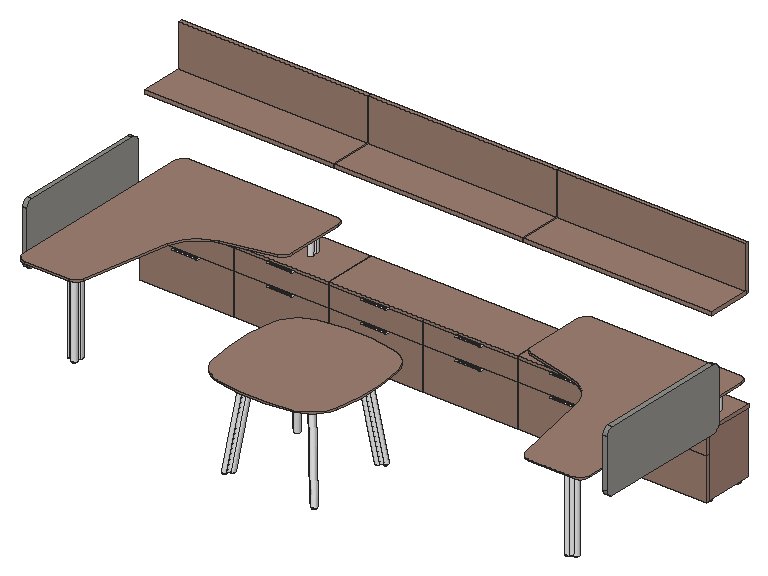
Revit family "T100136", category Furniture, Revit 2022
Family settings
  OmniClass Number = 23.40.20.00
  OmniClass Title = General Furniture and Specialties
  Work Plane-Based = No
  Always vertical = Yes
  Cut with Voids When Loaded = No
  Render Appearance Source = Family Geometry
  Shared = No
  Room Calculation Point = No
Parameters (values of type "APTOS009")
  Worksurface Height [instance] = 27"
  URL = "http://ofsbrands.com"
  Model = "APTOS009"
  Manufacturer = "OFS"
  Description = "OFS BRANDS OFS APTOS TYPICAL APTOS009"
  Default Elevation = 0"
  Copyright © = "© OFS BRANDS 2017"
  Catalog = "APTOS http://ofsbrands.com/products/casegoods/private-office/aptos"
  Authoring Version = "Autodesk Revit Architecture 2013"
  Assembly Code = "E2020200"
Reference planes (in)
  plane 1 "Center (Front/Back)": y = 0
  plane 2: z = 0
  plane 3 "Center (Left/Right)": x = 0
Dimensions and locks (in)
  aligned and locked: level to plane 2
Nested families (in)
  nested 1: "APTOS DUFOIL LEGS" at (-14.78416, -48.58582, 0) x (0.7071, 0.7071, 0) z (0, 0, 1), type "APTOS DUFOIL LEGS"
  nested 2: "APTOS DUFOIL STANDOFFS" at (-86, -10.39603, 22.25) x (-1, 0, 0) z (0, 0, 1), type "APTOS DUFOIL STANDOFFS"
  nested 3: "APTOS DUFOIL LEGS" at (14.78416, -78.15413, 0) x (0.7071, 0.7071, 0) z (0, 0, 1), type "APTOS DUFOIL LEGS"
  nested 4: "APTOS DUFOIL LEGS" at (14.78416, -48.58582, 0) x (-0.7071, 0.7071, 0) z (0, 0, 1), type "APTOS DUFOIL LEGS"
  nested 5: "APTOS DUFOIL LEGS" at (-14.78416, -78.15413, 0) x (-0.7071, 0.7071, 0) z (0, 0, 1), type "APTOS DUFOIL LEGS"
  nested 6: "APTOS TABLE TOP EASED SQUARE" at (0, -39.36997, 0), type "APTOS TABLE TOP EASED SQUARE 42""
  nested 7: "APTOS TRIFOIL COLUMN" at (79, -51, 0), type "APTOS TRIFOIL COLUMN"
  nested 8: "APTOS LOW HEIGHT MODULAR PEDESTAL BOX-FILE 18IN Depth" at (-75, 0, 0), type "APTOS LOW HEIGHT MODULAR PEDESTAL BOX/FILE 30""
    with Width 30"
  nested 9: "APTOS LOW HEIGHT MODULAR PEDESTAL BOX-FILE 18IN Depth" at (-45, 0, 0), type "APTOS LOW HEIGHT MODULAR PEDESTAL BOX/FILE 30""
    with Width 30"
  nested 10: "APTOS LOW HEIGHT MODULAR PEDESTAL BOX-FILE 18IN Depth" at (-15, 0, 0), type "APTOS LOW HEIGHT MODULAR PEDESTAL BOX/FILE 30""
    with Width 30"
  nested 11: "APTOS LOW HEIGHT MODULAR PEDESTAL BOX-FILE 18IN Depth" at (15, 0, 0), type "APTOS LOW HEIGHT MODULAR PEDESTAL BOX/FILE 30""
    with Width 30"
  nested 12: "APTOS LOW HEIGHT MODULAR PEDESTAL BOX-FILE 18IN Depth" at (45, 0, 0), type "APTOS LOW HEIGHT MODULAR PEDESTAL BOX/FILE 30""
    with Width 30"
  nested 13: "APTOS LOW HEIGHT MODULAR PEDESTAL BOX-FILE 18IN Depth" at (75, 0, 0), type "APTOS LOW HEIGHT MODULAR PEDESTAL BOX/FILE 30""
    with Width 30"
  nested 14: "APTOS LOW HEIGHT MODULAR CABINET TOP" at (-60, 0, 0), type "APTOS LOW HEIGHT MODULAR CABINET TOP 60""
    with Bottom Board Offset 21 1/4", Width 60"
  nested 15: "APTOS LOW HEIGHT MODULAR CABINET TOP" at (0, 0, 0), type "APTOS LOW HEIGHT MODULAR CABINET TOP 60""
    with Bottom Board Offset 21 1/4", Width 60"
  nested 16: "APTOS LOW HEIGHT MODULAR CABINET TOP" at (60, 0, 0), type "APTOS LOW HEIGHT MODULAR CABINET TOP 60""
    with Bottom Board Offset 21 1/4", Width 60"
  nested 17: "APTOS SWEEP ELEVATED RUNOFF WORKSURFACE LEFT - WOOD TOP for 18D Cabinets" at (-39.99989, -33, 0) x (0, -1, 0) z (0, 0, 1), type "APTOS SWEEP ELEVATED RUNOFF WORKSURFACE 66" x 52" LEFT OPEN END - WOOD TOP"
    with Depth 52", 34-6652SWTEL yes, 34-6646SWTEL no
  nested 18: "APTOS SWEEP ELEVATED RUNOFF WORKSURFACE RIGHT - WOOD TOP for 18D Cabinets" at (39.99989, -33, 0) x (0, 1, 0) z (0, 0, 1), type "APTOS SWEEP ELEVATED RUNOFF WORKSURFACE 66" x 52" RIGHT OPEN END - WOOD TOP"
    with Depth 52", 34-6652SWTERC yes, 34-6646SWTERC no
  nested 19: "APTOS WALLMOUNT OPEN SHELF ORGANIZER Cantilevered Fixed Shelf" at (-60, 0, 0), type "APTOS WALLMOUNT OPEN SHELF ORGANIZER Cantilevered Fixed Shelf 60""
    with Bottom Board Offset 53 3/4", Width 60"
  nested 20: "APTOS WALLMOUNT OPEN SHELF ORGANIZER Cantilevered Fixed Shelf" at (0, 0, 0), type "APTOS WALLMOUNT OPEN SHELF ORGANIZER Cantilevered Fixed Shelf 60""
    with Bottom Board Offset 53 3/4", Width 60"
  nested 21: "APTOS WALLMOUNT OPEN SHELF ORGANIZER Cantilevered Fixed Shelf" at (60, 0, 0), type "APTOS WALLMOUNT OPEN SHELF ORGANIZER Cantilevered Fixed Shelf 60""
    with Bottom Board Offset 53 3/4", Width 60"
  nested 22: "APTOS TRIFOIL COLUMN" at (-79, -51, 0) x (-1, 0, 0) z (0, 0, 1), type "APTOS TRIFOIL COLUMN"
  nested 23: "APTOS DUFOIL STANDOFFS" at (-41.99977, -10.39603, 22.25), type "APTOS DUFOIL STANDOFFS"
  nested 24: "APTOS DUFOIL STANDOFFS" at (86, -10.39603, 22.25), type "APTOS DUFOIL STANDOFFS"
  nested 25: "APTOS DUFOIL STANDOFFS" at (41.99977, -10.39603, 22.25) x (-1, 0, 0) z (0, 0, 1), type "APTOS DUFOIL STANDOFFS"
  nested 26: "APTOS FABRIC EDGE MOUNT PRIVACY PANEL 19.5IN HEIGHT" at (-92.9375, -37.5, 0) x (0, 1, 0) z (0, 0, 1), type "APTOS FABRIC EDGE MOUNT PRIVACY PANEL 44" x 19.5""
    with Center Edge Mount Brackets no, Width 44", Mount Brace Sep 28 1/2"
  nested 27: "APTOS FABRIC EDGE MOUNT PRIVACY PANEL 19.5IN HEIGHT" at (92.9375, -37.5, 0) x (0, 1, 0) z (0, 0, 1), type "APTOS FABRIC EDGE MOUNT PRIVACY PANEL 44" x 19.5""
    with Center Edge Mount Brackets no, Width 44", Mount Brace Sep 28 1/2"
Definition of nested family "APTOS DUFOIL LEGS"
  Parameters
    Width = 4"
    URL = "http://ofsbrands.com"
    Door Handle Material = none
    Depth = 8 3/4"
    Default Elevation = 0"
    Board Material = none
    Model = "34-DFC"
    Manufacturer = "OFS"
    Leg Caps Material = none
    Plate Thichness = 5/16"
    Description = "OFS BRANDS OFS APTOS DUFOIL LEGS"
    Copyright © = "© OFS BRANDS 2017"
    Catalog = "APTOS http://ofsbrands.com/products/casegoods/private-office/aptos"
    Height = 28 3/8"
    Authoring Version = "Autodesk Revit Architecture 2013"
    Assembly Code = "E2020200"
  Reference planes (in)
    plane 1 "Center Front/Back": y = 0
    plane 2: z = 0
    plane 3 "Center Left/Right": x = 0
    plane 4 "Left End": x = -2
    plane 5 "Front End": y = -8.75
    plane 6 "Right End": x = 2
    plane 7 "Height Top": z = 28.375
    plane 8: z = 28.0625
  Forms (in)
    Extrusion 1, solid, material <- "Door Handle Material"
      sketch origin (0, 0, 0) x (1, 0, 0) y (0, 1, 0)
        loop
          line (-2, -4.45013) -> (-2, -8.25)
          arc (-2, -8.25) -> (-1.85355, -8.60355) -> (-1.5, -8.75) r 0.5
          line (-1.5, -8.75) -> (1.5, -8.75)
          arc (1.5, -8.75) -> (1.85355, -8.60355) -> (2, -8.25) r 0.5
          line (2, -8.25) -> (2, -4.45013)
          arc (2, -4.45013) -> (1.88793, -4.13467) -> (1.60195, -3.96063) r 0.5
          arc (1.60195, -3.96063) -> (0, -3.79558) -> (-1.60195, -3.96063) r 7.8566
          arc (-1.60195, -3.96063) -> (-1.88793, -4.13467) -> (-2, -4.45013) r 0.5
      from 28.0625 to 28.375
    Extrusion 2, solid, material <- "Door Handle Material"
      sketch origin (0, 0, 0) x (1, 0, 0) y (0, 1, 0)
        loop
          arc (0.61668, -1.3082) -> (0, 0.03333) -> (-0.61668, -1.3082) r 0.8125
          arc (-0.61668, -1.3082) -> (-0.43592, -1.79652) -> (-0.61668, -2.28485) r 0.75
          arc (-0.61668, -2.28485) -> (0, -3.62637) -> (0.61668, -2.28485) r 0.8125
          arc (0.61668, -2.28485) -> (0.43592, -1.79652) -> (0.61668, -1.3082) r 0.75
      from 0.4375 to 0.5625
    Revolve 3, solid, material <- "Leg Caps Material"
      sketch origin (0, -0.80994, 0) x (1, 0, 0) y (0, 0, 1)
        loop
          line (0, 0.4375) -> (-0.28585, 0.4375)
          arc (-0.28585, 0.4375) -> (-0.31047, 0.4326) -> (-0.33134, 0.41866) r 0.06434
          line (-0.33134, 0.41866) -> (-0.53754, 0.21246)
          arc (-0.53754, 0.21246) -> (-0.55601, 0.18481) -> (-0.5625, 0.1522) r 0.08523
          line (-0.5625, 0.1522) -> (-0.5625, 0.08484)
          arc (-0.5625, 0.08484) -> (-0.53765, 0.02485) -> (-0.47766, 0) r 0.08484
          line (-0.47766, 0) -> (0, 0) -> (0, 0.4375)
        axis (0, 0) -> (0, 0.4375)
      angle from 0 to 360
    Blend 4, solid, material <- "Door Handle Material"
      base sketch origin (0, 0, 0) x (1, 0, 0) y (0, 1, 0)
        loop
          arc (0.61668, -2.28485) -> (0.43592, -1.79652) -> (0.61668, -1.3082) r 0.75
          arc (0.61668, -1.3082) -> (0, 0.03333) -> (-0.61668, -1.3082) r 0.8125
          arc (-0.61668, -1.3082) -> (-0.43592, -1.79652) -> (-0.61668, -2.28485) r 0.75
          arc (-0.61668, -2.28485) -> (0, -3.62637) -> (0.61668, -2.28485) r 0.8125
      top sketch origin (0, 0, 0) x (1, 0, 0) y (0, 1, 0)
        loop
          arc (0.61668, -7.03485) -> (0.43592, -6.54652) -> (0.61668, -6.0582) r 0.75
          arc (0.61668, -6.0582) -> (0, -4.71667) -> (-0.61668, -6.0582) r 0.8125
          arc (-0.61668, -6.0582) -> (-0.43592, -6.54652) -> (-0.61668, -7.03485) r 0.75
          arc (-0.61668, -7.03485) -> (0, -8.37637) -> (0.61668, -7.03485) r 0.8125
      from 0.5625 to 28.0625
  Dimensions and locks (in)
    "Plate Thichness": plane 7 "Height Top" to plane 8
    "Height": plane 7 "Height Top" to level
    "Depth": plane 5 "Front End" to plane 1 "Center Front/Back"
    equal spacing: plane 4 "Left End", plane 3 "Center Left/Right", plane 6 "Right End"
    "Width": plane 4 "Left End" to plane 6 "Right End"
    aligned and locked: level to plane 2
    aligned and locked: Extrusion 1 to plane 8
    aligned and locked: plane 7 "Height Top" to Extrusion 1
    aligned and locked: plane 8 to Blend 4
  Automatic sketch dimensions
    Revolve 3 sketch curve to level = 0"
    Revolve 3 sketch curve to plane 3 "Center Left/Right" = 0"  (x2)
    level to Revolve 3 sketch curve = 0.08484"
    Revolve 3 sketch curve to Revolve 3 sketch curve = 0.28585"
    Revolve 3 sketch curve to Revolve 3 sketch curve = 0.04549"
    Revolve 3 sketch curve to Revolve 3 sketch curve = 0.19181"
    level to Revolve 3 sketch curve = 0.21246"
    Revolve 3 sketch curve to Revolve 3 sketch curve = 0.02496"
    Revolve 3 sketch curve to Revolve 3 sketch curve = 0.00039"
    Revolve 3 sketch curve to Revolve 3 sketch curve = 0.20619"
    Revolve 3 sketch curve to Revolve 3 sketch curve = 0.01884"
    Revolve 3 sketch curve to Revolve 3 sketch curve = 0.11062"
    Revolve 3 sketch curve to Revolve 3 sketch curve = 0.11267"
    Extrusion 1 sketch curve to plane 4 "Left End" = 0"
    Extrusion 1 sketch curve to plane 5 "Front End" = 0"
    Extrusion 1 sketch curve to plane 6 "Right End" = 0"
    plane 5 "Front End" to Extrusion 1 sketch curve = 1/2"
    Extrusion 1 sketch curve to plane 3 "Center Left/Right" = 0"
    plane 4 "Left End" to Extrusion 1 sketch curve = 1/2"
    plane 4 "Left End" to Extrusion 1 sketch curve = 0.39805"
    Extrusion 1 sketch curve to Extrusion 1 sketch curve = 0"  (x2)
    Extrusion 1 sketch curve to Extrusion 1 sketch curve = 0.10195"
    plane 6 "Right End" to Extrusion 1 sketch curve = 0.39805"
    Extrusion 1 sketch curve to Extrusion 1 sketch curve = 3.79987"
    Extrusion 2 sketch curve to plane 3 "Center Left/Right" = 0"  (x2)
    Extrusion 2 sketch curve to plane 3 "Center Left/Right" = 0.61668"
    Extrusion 2 sketch curve to Extrusion 2 sketch curve = 0"  (x4)
    Extrusion 2 sketch curve to Extrusion 2 sketch curve = 0.56924"
    plane 1 "Center Front/Back" to Extrusion 2 sketch curve = 2.81387"
    Extrusion 2 sketch curve to Extrusion 2 sketch curve = 0.52902"  (x2)
    Extrusion 2 sketch curve to Extrusion 2 sketch curve = 0.48833"
    Blend 4 sketch curve to plane 3 "Center Left/Right" = 0"  (x4)
    Blend 4 sketch curve to plane 3 "Center Left/Right" = 0.61668"  (x4)
    Blend 4 sketch curve to Blend 4 sketch curve = 0"  (x6)
    Blend 4 sketch curve to Blend 4 sketch curve = 0.56924"  (x2)
    plane 3 "Center Left/Right" to Blend 4 sketch curve = 0.61668"  (x4)
    plane 1 "Center Front/Back" to Blend 4 sketch curve = 2.81387"
    Blend 4 sketch curve to Blend 4 sketch curve = 0.52902"  (x2)
    plane 1 "Center Front/Back" to Blend 4 sketch curve = 7.56387"
Definition of nested family "APTOS DUFOIL STANDOFFS"
  Parameters
    Width = 4"
    URL = "http://ofsbrands.com"
    Door Handle Material = none
    Depth = 5"
    Default Elevation = 0"
    Board Material = none
    Model = "34-DFC"
    Manufacturer = "OFS"
    Leg Caps Material = none
    Plate Thichness = 5/16"
    Description = "OFS BRANDS OFS APTOS DUFOIL LEGS"
    Copyright © = "© OFS BRANDS 2017"
    Catalog = "APTOS http://ofsbrands.com/products/casegoods/private-office/aptos"
    Height = 6 1/8"
    Authoring Version = "Autodesk Revit Architecture 2013"
    Assembly Code = "E2020200"
  Reference planes (in)
    plane 1 "Center Front/Back": y = 0
    plane 2: z = 0
    plane 3 "Center Left/Right": x = 0
    plane 4 "Left End": x = -2
    plane 5 "Front End": y = -5
    plane 6 "Right End": x = 2
    plane 7 "Height Top": z = 6.125
    plane 8: z = 5.8125
  Forms (in)
    Extrusion 1, solid, material <- "Door Handle Material"
      sketch origin (0, 0, 0) x (1, 0, 0) y (0, 1, 0)
        loop
          line (-2, -0.70013) -> (-2, -4.5)
          arc (-2, -4.5) -> (-1.85355, -4.85355) -> (-1.5, -5) r 0.5
          line (-1.5, -5) -> (1.5, -5)
          arc (1.5, -5) -> (1.85355, -4.85355) -> (2, -4.5) r 0.5
          line (2, -4.5) -> (2, -0.70013)
          arc (2, -0.70013) -> (1.88793, -0.38467) -> (1.60195, -0.21063) r 0.5
          arc (1.60195, -0.21063) -> (0, -0.04558) -> (-1.60195, -0.21063) r 7.8566
          arc (-1.60195, -0.21063) -> (-1.88793, -0.38467) -> (-2, -0.70013) r 0.5
      from 5.8125 to 6.125
    Extrusion 2, solid, material <- "Door Handle Material"
      sketch origin (0, -0.85125, 0) x (1, 0, 0) y (0, 1, 0)
        loop
          arc (0.61668, -1.3082) -> (0, 0.03333) -> (-0.61668, -1.3082) r 0.8125
          arc (-0.61668, -1.3082) -> (-0.43592, -1.79652) -> (-0.61668, -2.28485) r 0.75
          arc (-0.61668, -2.28485) -> (0, -3.62637) -> (0.61668, -2.28485) r 0.8125
          arc (0.61668, -2.28485) -> (0.43592, -1.79652) -> (0.61668, -1.3082) r 0.75
      from 0 to 5.8125
  Dimensions and locks (in)
    "Plate Thichness": plane 7 "Height Top" to plane 8
    "Height": plane 7 "Height Top" to level
    "Depth": plane 5 "Front End" to plane 1 "Center Front/Back"
    equal spacing: plane 4 "Left End", plane 3 "Center Left/Right", plane 6 "Right End"
    "Width": plane 4 "Left End" to plane 6 "Right End"
    aligned and locked: level to plane 2
    aligned and locked: Extrusion 1 to plane 8
    aligned and locked: plane 7 "Height Top" to Extrusion 1
    aligned and locked: Extrusion 2 to level
  Automatic sketch dimensions
    Extrusion 1 sketch curve to plane 4 "Left End" = 0"
    Extrusion 1 sketch curve to plane 5 "Front End" = 0"
    Extrusion 1 sketch curve to plane 6 "Right End" = 0"
    plane 5 "Front End" to Extrusion 1 sketch curve = 1/2"
    Extrusion 1 sketch curve to plane 3 "Center Left/Right" = 0"
    plane 4 "Left End" to Extrusion 1 sketch curve = 1/2"
    plane 4 "Left End" to Extrusion 1 sketch curve = 0.39805"
    Extrusion 1 sketch curve to Extrusion 1 sketch curve = 0"  (x2)
    Extrusion 1 sketch curve to Extrusion 1 sketch curve = 0.10195"
    plane 6 "Right End" to Extrusion 1 sketch curve = 0.39805"
    Extrusion 1 sketch curve to Extrusion 1 sketch curve = 3.79987"
    Extrusion 2 sketch curve to plane 3 "Center Left/Right" = 0"  (x2)
    Extrusion 2 sketch curve to plane 3 "Center Left/Right" = 0.61668"
    Extrusion 2 sketch curve to Extrusion 2 sketch curve = 0"  (x4)
    Extrusion 2 sketch curve to Extrusion 2 sketch curve = 0.56924"
    plane 1 "Center Front/Back" to Extrusion 2 sketch curve = 3.66512"
    Extrusion 2 sketch curve to Extrusion 2 sketch curve = 0.52902"  (x2)
    Extrusion 2 sketch curve to Extrusion 2 sketch curve = 0.48833"
Definition of nested family "APTOS TABLE TOP EASED SQUARE"
  Parameters
    Width = 42"
    URL = "http://ofsbrands.com"
    Depth = 42"
    Default Elevation = 0"
    Board Material = none
    Model = "34-42SST"
    Manufacturer = "OFS"
    Height = 1 1/8"
    Description = "OFS BRANDS OFS APTOS TABLE TOP EASED SQUARE 42\" 1.1875\" thick Veneer Worksurface"
    Copyright © = "© OFS BRANDS 2017"
    Catalog = "APTOS http://ofsbrands.com/products/casegoods/private-office/aptos"
    Bottom Board Offset = 28 3/8"
    Authoring Version = "Autodesk Revit Architecture 2013"
    Assembly Code = "E2020200"
    34-48SST = no
    34-42SST = yes
  Reference planes (in)
    plane 1 "Back End": y = -3
    plane 2: z = 0
    plane 3 "Center Left/Right": x = 0
    plane 4 "Left End": x = -21
    plane 5 "Front End": y = -45
    plane 6 "Right End": x = 21
    plane 7 "Height Top": z = 29.5
    plane 8: z = 28.375
    plane 9 "Center Front/Back": y = -24
  Forms (in)
    Extrusion 1, solid, material <- "Board Material", visible <- "34-42SST"
      sketch origin (0, 0, 0) x (1, 0, 0) y (0, 1, 0)
        loop
          arc (-12.08569, -4.33185) -> (-16.97919, -7.02081) -> (-19.66815, -11.91431) r 10
          arc (-19.66815, -11.91431) -> (-21, -24) -> (-19.66815, -36.08569) r 55.50087
          arc (-19.66815, -36.08569) -> (-16.97919, -40.97919) -> (-12.08569, -43.66815) r 10
          arc (-12.08569, -43.66815) -> (0, -45) -> (12.08569, -43.66815) r 55.50087
          arc (12.08569, -43.66815) -> (16.97919, -40.97919) -> (19.66815, -36.08569) r 10
          arc (19.66815, -36.08569) -> (21, -24) -> (19.66815, -11.91431) r 55.50087
          arc (19.66815, -11.91431) -> (16.97919, -7.02081) -> (12.08569, -4.33185) r 10
          arc (12.08569, -4.33185) -> (0, -3) -> (-12.08569, -4.33185) r 55.50087
      from 28.375 to 29.5
    Sweep 2, void
      path in 3D
        loop
          arc (-19.66815, -11.91431, 29.5) -> (-16.97919, -7.02081, 29.5) -> (-12.08569, -4.33185, 29.5) r 10
          arc (-12.08569, -4.33185, 29.5) -> (0, -3, 29.5) -> (12.08569, -4.33185, 29.5) r 55.50087
          arc (12.08569, -4.33185, 29.5) -> (16.97919, -7.02081, 29.5) -> (19.66815, -11.91431, 29.5) r 10
          arc (19.66815, -11.91431, 29.5) -> (21, -24, 29.5) -> (19.66815, -36.08569, 29.5) r 55.50087
          arc (19.66815, -36.08569, 29.5) -> (16.97919, -40.97919, 29.5) -> (12.08569, -43.66815, 29.5) r 10
          arc (12.08569, -43.66815, 29.5) -> (0, -45, 29.5) -> (-12.08569, -43.66815, 29.5) r 55.50087
          arc (-12.08569, -43.66815, 29.5) -> (-16.97919, -40.97919, 29.5) -> (-19.66815, -36.08569, 29.5) r 10
          arc (-19.66815, -36.08569, 29.5) -> (-21, -24, 29.5) -> (-19.66815, -11.91431, 29.5) r 55.50087
      profile origin (-21, -24, 29.5) x (-1, 0, 0) y (0, 0, 1)
        loop
          line (0, -0.41643) -> (-2, -1.125) -> (0, -1.125) -> (0, -0.41643)
    Extrusion 3, solid, material <- "Board Material", visible <- "34-42SST", not visible
      sketch origin (0, 0, 0) x (1, 0, 0) y (0, 1, 0)
        loop
          arc (-12.08569, -4.33185) -> (-16.97919, -7.02081) -> (-19.66815, -11.91431) r 10
          arc (-19.66815, -11.91431) -> (-21, -24) -> (-19.66815, -36.08569) r 55.50087
          arc (-19.66815, -36.08569) -> (-16.97919, -40.97919) -> (-12.08569, -43.66815) r 10
          arc (-12.08569, -43.66815) -> (0, -45) -> (12.08569, -43.66815) r 55.50087
          arc (12.08569, -43.66815) -> (16.97919, -40.97919) -> (19.66815, -36.08569) r 10
          arc (19.66815, -36.08569) -> (21, -24) -> (19.66815, -11.91431) r 55.50087
          arc (19.66815, -11.91431) -> (16.97919, -7.02081) -> (12.08569, -4.33185) r 10
          arc (12.08569, -4.33185) -> (0, -3) -> (-12.08569, -4.33185) r 55.50087
      from 28.375 to 29.5
    Sweep 4, void, not visible
      path in 3D
        loop
          arc (-19.66815, -11.91431, 29.5) -> (-16.97919, -7.02081, 29.5) -> (-12.08569, -4.33185, 29.5) r 10
          arc (-12.08569, -4.33185, 29.5) -> (0, -3, 29.5) -> (12.08569, -4.33185, 29.5) r 55.50087
          arc (12.08569, -4.33185, 29.5) -> (16.97919, -7.02081, 29.5) -> (19.66815, -11.91431, 29.5) r 10
          arc (19.66815, -11.91431, 29.5) -> (21, -24, 29.5) -> (19.66815, -36.08569, 29.5) r 55.50087
          arc (19.66815, -36.08569, 29.5) -> (16.97919, -40.97919, 29.5) -> (12.08569, -43.66815, 29.5) r 10
          arc (12.08569, -43.66815, 29.5) -> (0, -45, 29.5) -> (-12.08569, -43.66815, 29.5) r 55.50087
          arc (-12.08569, -43.66815, 29.5) -> (-16.97919, -40.97919, 29.5) -> (-19.66815, -36.08569, 29.5) r 10
          arc (-19.66815, -36.08569, 29.5) -> (-21, -24, 29.5) -> (-19.66815, -11.91431, 29.5) r 55.50087
      profile origin (-21, -24, 29.5) x (-1, 0, 0) y (0, 0, 1)
        loop
          line (0, -0.41643) -> (-2, -1.125) -> (0, -1.125) -> (0, -0.41643)
    Extrusion 5, solid, material <- "Board Material", visible <- "34-48SST"
      sketch origin (0, 0, 0) x (1, 0, 0) y (0, 1, 0)
        loop
          arc (-14.58538, -1.22901) -> (-19.98306, -4.01694) -> (-22.77099, -9.41462) r 10
          arc (-22.77099, -9.41462) -> (-24, -24) -> (-22.77099, -38.58538) r 87.1612
          arc (-22.77099, -38.58538) -> (-19.98306, -43.98306) -> (-14.58538, -46.77099) r 10
          arc (-14.58538, -46.77099) -> (0, -48) -> (14.58538, -46.77099) r 87.1612
          arc (14.58538, -46.77099) -> (19.98306, -43.98306) -> (22.77099, -38.58538) r 10
          arc (22.77099, -38.58538) -> (24, -24) -> (22.77099, -9.41462) r 87.1612
          arc (22.77099, -9.41462) -> (19.98306, -4.01694) -> (14.58538, -1.22901) r 10
          arc (14.58538, -1.22901) -> (0, 0) -> (-14.58538, -1.22901) r 87.1612
      from 28.375 to 29.5
    Sweep 6, void
      path in 3D
        loop
          arc (14.58538, -1.22901, 29.5) -> (19.98306, -4.01694, 29.5) -> (22.77099, -9.41462, 29.5) r 10
          arc (22.77099, -9.41462, 29.5) -> (24, -24, 29.5) -> (22.77099, -38.58538, 29.5) r 87.1612
          arc (22.77099, -38.58538, 29.5) -> (19.98306, -43.98306, 29.5) -> (14.58538, -46.77099, 29.5) r 10
          arc (14.58538, -46.77099, 29.5) -> (0, -48, 29.5) -> (-14.58538, -46.77099, 29.5) r 87.1612
          arc (-14.58538, -46.77099, 29.5) -> (-19.98306, -43.98306, 29.5) -> (-22.77099, -38.58538, 29.5) r 10
          arc (-22.77099, -38.58538, 29.5) -> (-24, -24, 29.5) -> (-22.77099, -9.41462, 29.5) r 87.1612
          arc (-22.77099, -9.41462, 29.5) -> (-19.98306, -4.01694, 29.5) -> (-14.58538, -1.22901, 29.5) r 10
          arc (-14.58538, -1.22901, 29.5) -> (0, 0, 29.5) -> (14.58538, -1.22901, 29.5) r 87.1612
      profile origin (0, 0, 29.5) x (0, 1, 0) y (0, 0, 1)
        loop
          line (-2, -1.125) -> (0, -1.125) -> (0, -0.41643) -> (-2, -1.125)
    Extrusion 7, solid, material <- "Board Material", visible <- "34-48SST", not visible
      sketch origin (0, 0, 0) x (1, 0, 0) y (0, 1, 0)
        loop
          arc (-14.58538, -1.22901) -> (-19.98306, -4.01694) -> (-22.77099, -9.41462) r 10
          arc (-22.77099, -9.41462) -> (-24, -24) -> (-22.77099, -38.58538) r 87.1612
          arc (-22.77099, -38.58538) -> (-19.98306, -43.98306) -> (-14.58538, -46.77099) r 10
          arc (-14.58538, -46.77099) -> (0, -48) -> (14.58538, -46.77099) r 87.1612
          arc (14.58538, -46.77099) -> (19.98306, -43.98306) -> (22.77099, -38.58538) r 10
          arc (22.77099, -38.58538) -> (24, -24) -> (22.77099, -9.41462) r 87.1612
          arc (22.77099, -9.41462) -> (19.98306, -4.01694) -> (14.58538, -1.22901) r 10
          arc (14.58538, -1.22901) -> (0, 0) -> (-14.58538, -1.22901) r 87.1612
      from 28.375 to 29.5
    Sweep 8, void, not visible
      path in 3D
        loop
          arc (14.58538, -1.22901, 29.5) -> (19.98306, -4.01694, 29.5) -> (22.77099, -9.41462, 29.5) r 10
          arc (22.77099, -9.41462, 29.5) -> (24, -24, 29.5) -> (22.77099, -38.58538, 29.5) r 87.1612
          arc (22.77099, -38.58538, 29.5) -> (19.98306, -43.98306, 29.5) -> (14.58538, -46.77099, 29.5) r 10
          arc (14.58538, -46.77099, 29.5) -> (0, -48, 29.5) -> (-14.58538, -46.77099, 29.5) r 87.1612
          arc (-14.58538, -46.77099, 29.5) -> (-19.98306, -43.98306, 29.5) -> (-22.77099, -38.58538, 29.5) r 10
          arc (-22.77099, -38.58538, 29.5) -> (-24, -24, 29.5) -> (-22.77099, -9.41462, 29.5) r 87.1612
          arc (-22.77099, -9.41462, 29.5) -> (-19.98306, -4.01694, 29.5) -> (-14.58538, -1.22901, 29.5) r 10
          arc (-14.58538, -1.22901, 29.5) -> (0, 0, 29.5) -> (14.58538, -1.22901, 29.5) r 87.1612
      profile origin (0, 0, 29.5) x (0, 1, 0) y (0, 0, 1)
        loop
          line (-2, -1.125) -> (0, -1.125) -> (0, -0.41643) -> (-2, -1.125)
  Cuts and joins
    Sweep 2 cuts Extrusion 1
    Sweep 6 cuts Extrusion 5
  Lines and regions (in)
    sketch lines
      curve 1: arc (-19.66815, -36.08569, 29.5) -> (-21, -24, 29.5) -> (-19.66815, -11.91431, 29.5) r 55.50087
      curve 2: arc (-19.66815, -11.91431, 29.5) -> (-16.97919, -7.02081, 29.5) -> (-12.08569, -4.33185, 29.5) r 10
      curve 3: arc (-12.08569, -4.33185, 29.5) -> (0, -3, 29.5) -> (12.08569, -4.33185, 29.5) r 55.50087
      curve 4: arc (12.08569, -4.33185, 29.5) -> (16.97919, -7.02081, 29.5) -> (19.66815, -11.91431, 29.5) r 10
      curve 5: arc (19.66815, -11.91431, 29.5) -> (21, -24, 29.5) -> (19.66815, -36.08569, 29.5) r 55.50087
      curve 6: arc (19.66815, -36.08569, 29.5) -> (16.97919, -40.97919, 29.5) -> (12.08569, -43.66815, 29.5) r 10
      curve 7: arc (12.08569, -43.66815, 29.5) -> (0, -45, 29.5) -> (-12.08569, -43.66815, 29.5) r 55.50087
      curve 8: arc (-12.08569, -43.66815, 29.5) -> (-16.97919, -40.97919, 29.5) -> (-19.66815, -36.08569, 29.5) r 10
      curve 17: arc (-14.58538, -1.22901, 29.5) -> (0, 0, 29.5) -> (14.58538, -1.22901, 29.5) r 87.1612
      curve 18: arc (14.58538, -1.22901, 29.5) -> (19.98306, -4.01694, 29.5) -> (22.77099, -9.41462, 29.5) r 10
      curve 19: arc (22.77099, -9.41462, 29.5) -> (24, -24, 29.5) -> (22.77099, -38.58538, 29.5) r 87.1612
      curve 20: arc (22.77099, -38.58538, 29.5) -> (19.98306, -43.98306, 29.5) -> (14.58538, -46.77099, 29.5) r 10
      curve 21: arc (14.58538, -46.77099, 29.5) -> (0, -48, 29.5) -> (-14.58538, -46.77099, 29.5) r 87.1612
      curve 22: arc (-14.58538, -46.77099, 29.5) -> (-19.98306, -43.98306, 29.5) -> (-22.77099, -38.58538, 29.5) r 10
      curve 23: arc (-22.77099, -38.58538, 29.5) -> (-24, -24, 29.5) -> (-22.77099, -9.41462, 29.5) r 87.1612
      curve 24: arc (-22.77099, -9.41462, 29.5) -> (-19.98306, -4.01694, 29.5) -> (-14.58538, -1.22901, 29.5) r 10
    sketch lines, not visible
      curve 9: arc (-19.66815, -36.08569, 29.5) -> (-21, -24, 29.5) -> (-19.66815, -11.91431, 29.5) r 55.50087
      curve 10: arc (-19.66815, -11.91431, 29.5) -> (-16.97919, -7.02081, 29.5) -> (-12.08569, -4.33185, 29.5) r 10
      curve 11: arc (-12.08569, -4.33185, 29.5) -> (0, -3, 29.5) -> (12.08569, -4.33185, 29.5) r 55.50087
      curve 12: arc (12.08569, -4.33185, 29.5) -> (16.97919, -7.02081, 29.5) -> (19.66815, -11.91431, 29.5) r 10
      curve 13: arc (19.66815, -11.91431, 29.5) -> (21, -24, 29.5) -> (19.66815, -36.08569, 29.5) r 55.50087
      curve 14: arc (19.66815, -36.08569, 29.5) -> (16.97919, -40.97919, 29.5) -> (12.08569, -43.66815, 29.5) r 10
      curve 15: arc (12.08569, -43.66815, 29.5) -> (0, -45, 29.5) -> (-12.08569, -43.66815, 29.5) r 55.50087
      curve 16: arc (-12.08569, -43.66815, 29.5) -> (-16.97919, -40.97919, 29.5) -> (-19.66815, -36.08569, 29.5) r 10
      curve 25: arc (-14.58538, -1.22901, 29.5) -> (0, 0, 29.5) -> (14.58538, -1.22901, 29.5) r 87.1612
      curve 26: arc (14.58538, -1.22901, 29.5) -> (19.98306, -4.01694, 29.5) -> (22.77099, -9.41462, 29.5) r 10
      curve 27: arc (22.77099, -9.41462, 29.5) -> (24, -24, 29.5) -> (22.77099, -38.58538, 29.5) r 87.1612
      curve 28: arc (22.77099, -38.58538, 29.5) -> (19.98306, -43.98306, 29.5) -> (14.58538, -46.77099, 29.5) r 10
      curve 29: arc (14.58538, -46.77099, 29.5) -> (0, -48, 29.5) -> (-14.58538, -46.77099, 29.5) r 87.1612
      curve 30: arc (-14.58538, -46.77099, 29.5) -> (-19.98306, -43.98306, 29.5) -> (-22.77099, -38.58538, 29.5) r 10
      curve 31: arc (-22.77099, -38.58538, 29.5) -> (-24, -24, 29.5) -> (-22.77099, -9.41462, 29.5) r 87.1612
      curve 32: arc (-22.77099, -9.41462, 29.5) -> (-19.98306, -4.01694, 29.5) -> (-14.58538, -1.22901, 29.5) r 10
  Dimensions and locks (in)
    "Height": plane 7 "Height Top" to plane 8
    "Bottom Board Offset": plane 8 to level
    "Depth": plane 5 "Front End" to plane 1 "Back End"
    equal spacing: plane 4 "Left End", plane 3 "Center Left/Right", plane 6 "Right End"
    "Width": plane 4 "Left End" to plane 6 "Right End"
    equal spacing: plane 5 "Front End", plane 9 "Center Front/Back", plane 1 "Back End"
    aligned and locked: level to plane 2
    aligned and locked: Extrusion 1 to plane 8
    aligned and locked: plane 7 "Height Top" to Extrusion 1
    aligned and locked: plane 7 "Height Top" to Extrusion 5
    aligned and locked: Extrusion 5 to plane 8
  Automatic sketch dimensions
    Extrusion 1 sketch curve to Extrusion 1 sketch curve = 2.17757"  (x4)
    Extrusion 1 sketch curve to Extrusion 1 sketch curve = 0"  (x9)
    Sweep 2 sketch curve to profile plane = 0"
    Sweep 2 sketch curve to profile plane = 1 1/8"
    profile plane to Sweep 2 sketch curve = 2"
    Sweep 2 sketch curve to profile plane = 0.41643"
    Extrusion 1 sketch curve to Extrusion 1 sketch curve = 14.83272"  (x3)
    Extrusion 1 sketch curve to Extrusion 1 sketch curve = 7.58246"  (x2)
    Extrusion 1 sketch curve to Extrusion 1 sketch curve = 12.08569"  (x2)
    Extrusion 1 sketch curve to Extrusion 1 sketch curve = 19.81624"
    Extrusion 1 sketch curve to Extrusion 1 sketch curve = 9.76003"
    Extrusion 3 sketch curve to Extrusion 3 sketch curve = 2.17757"  (x4)
    Extrusion 3 sketch curve to Extrusion 3 sketch curve = 0"  (x9)
    Sweep 4 sketch curve to profile plane = 0"
    Sweep 4 sketch curve to profile plane = 1 1/8"
    profile plane to Sweep 4 sketch curve = 2"
    Sweep 4 sketch curve to profile plane = 0.41643"
    Extrusion 3 sketch curve to Extrusion 3 sketch curve = 14.83272"  (x3)
    Extrusion 3 sketch curve to Extrusion 3 sketch curve = 7.58246"  (x2)
    Extrusion 3 sketch curve to Extrusion 3 sketch curve = 12.08569"  (x2)
    Extrusion 3 sketch curve to Extrusion 3 sketch curve = 19.81624"
    Extrusion 3 sketch curve to Extrusion 3 sketch curve = 9.76003"
    Extrusion 5 sketch curve to Extrusion 5 sketch curve = 1.67338"  (x4)
    Extrusion 5 sketch curve to Extrusion 5 sketch curve = 0"  (x10)
    Extrusion 5 sketch curve to Extrusion 5 sketch curve = 9.859"  (x2)
    Sweep 6 sketch curve to profile plane = 0.41643"
    profile plane to Sweep 6 sketch curve = 0"
    Sweep 6 sketch curve to Sweep 6 sketch curve = 2"
    Sweep 6 sketch curve to Sweep 6 sketch curve = 0.70857"
    Extrusion 5 sketch curve to Extrusion 5 sketch curve = 40.39021"  (x2)
    Extrusion 5 sketch curve to Extrusion 5 sketch curve = 8.18562"
    Extrusion 5 sketch curve to Extrusion 5 sketch curve = 14.58538"  (x2)
    Extrusion 5 sketch curve to Extrusion 5 sketch curve = 25.82399"
    Extrusion 7 sketch curve to Extrusion 7 sketch curve = 1.67338"  (x4)
    Extrusion 7 sketch curve to Extrusion 7 sketch curve = 0"  (x10)
    Extrusion 7 sketch curve to Extrusion 7 sketch curve = 9.859"  (x2)
    Sweep 8 sketch curve to profile plane = 0.41643"
    profile plane to Sweep 8 sketch curve = 0"
    Sweep 8 sketch curve to Sweep 8 sketch curve = 2"
    Sweep 8 sketch curve to Sweep 8 sketch curve = 0.70857"
    Extrusion 7 sketch curve to Extrusion 7 sketch curve = 40.39021"  (x2)
    Extrusion 7 sketch curve to Extrusion 7 sketch curve = 8.18562"
    Extrusion 7 sketch curve to Extrusion 7 sketch curve = 14.58538"  (x2)
    Extrusion 7 sketch curve to Extrusion 7 sketch curve = 25.82399"
Definition of nested family "APTOS TRIFOIL COLUMN"
  Parameters
    Width = 10"
    URL = "http://ofsbrands.com"
    Door Handle Material = none
    Depth = 10"
    Default Elevation = 0"
    Board Material = none
    Model = "34-TFC"
    Manufacturer = "OFS"
    Leg Caps Material = none
    Plate Thichness = 3/16"
    Description = "OFS BRANDS OFS APTOS TRIFOIL COLUMN"
    Copyright © = "© OFS BRANDS 2017"
    Catalog = "APTOS http://ofsbrands.com/products/casegoods/private-office/aptos"
    Height = 28 3/8"
    Authoring Version = "Autodesk Revit Architecture 2013"
    Assembly Code = "E2020200"
  Reference planes (in)
    plane 1 "Center Front/Back": y = 0
    plane 2: z = 0
    plane 3 "Center Left/Right": x = 0
    plane 4 "Left End": x = -5
    plane 5 "Front End": y = -10
    plane 6 "Right End": x = 5
    plane 7 "Height Top": z = 28.375
    plane 8: z = 28.1875
  Forms (in)
    Extrusion 1, solid, material <- "Door Handle Material"
      sketch origin (0, 0, 0) x (1, 0, 0) y (0, 1, 0)
        loop
          circle (0, -5) r 5
      from 28.1875 to 28.375
    Extrusion 2, solid, material <- "Door Handle Material"
      sketch origin (0, 0, 0) x (1, 0, 0) y (0, 1, 0)
        loop
          arc (1.07937, -5.77834) -> (2.125, -5) -> (1.07937, -4.22166) r 0.8125
          arc (1.07937, -4.22166) -> (0.48918, -4.15272) -> (0.13437, -3.67607) r 0.75
          arc (0.13437, -3.67607) -> (-1.0625, -3.1597) -> (-1.21375, -4.4544) r 0.8125
          arc (-1.21375, -4.4544) -> (-0.97836, -5) -> (-1.21375, -5.5456) r 0.75
          arc (-1.21375, -5.5456) -> (-1.0625, -6.8403) -> (0.13437, -6.32393) r 0.8125
          arc (0.13437, -6.32393) -> (0.48918, -5.84728) -> (1.07937, -5.77834) r 0.75
      from 0.5625 to 28.1875
    Extrusion 3, solid, material <- "Door Handle Material"
      sketch origin (0, 0, 0) x (1, 0, 0) y (0, 1, 0)
        loop
          arc (1.07937, -5.77834) -> (2.125, -5) -> (1.07937, -4.22166) r 0.8125
          arc (1.07937, -4.22166) -> (0.48918, -4.15272) -> (0.13437, -3.67607) r 0.75
          arc (0.13437, -3.67607) -> (-1.0625, -3.1597) -> (-1.21375, -4.4544) r 0.8125
          arc (-1.21375, -4.4544) -> (-0.97836, -5) -> (-1.21375, -5.5456) r 0.75
          arc (-1.21375, -5.5456) -> (-1.0625, -6.8403) -> (0.13437, -6.32393) r 0.8125
          arc (0.13437, -6.32393) -> (0.48918, -5.84728) -> (1.07937, -5.77834) r 0.75
      from 0.4375 to 0.5625
    Revolve 4, solid, material <- "Leg Caps Material"
      sketch origin (0, -5, 0) x (1, 0, 0) y (0, 0, 1)
        loop
          line (0, 0.4375) -> (-0.28585, 0.4375)
          arc (-0.28585, 0.4375) -> (-0.31047, 0.4326) -> (-0.33134, 0.41866) r 0.06434
          line (-0.33134, 0.41866) -> (-0.53754, 0.21246)
          arc (-0.53754, 0.21246) -> (-0.55601, 0.18481) -> (-0.5625, 0.1522) r 0.08523
          line (-0.5625, 0.1522) -> (-0.5625, 0.08484)
          arc (-0.5625, 0.08484) -> (-0.53765, 0.02485) -> (-0.47766, 0) r 0.08484
          line (-0.47766, 0) -> (0, 0) -> (0, 0.4375)
        axis (0, 0) -> (0, 0.4375)
      angle from 0 to 360
  Dimensions and locks (in)
    "Plate Thichness": plane 7 "Height Top" to plane 8
    "Height": plane 7 "Height Top" to level
    "Depth": plane 5 "Front End" to plane 1 "Center Front/Back"
    equal spacing: plane 4 "Left End", plane 3 "Center Left/Right", plane 6 "Right End"
    "Width": plane 4 "Left End" to plane 6 "Right End"
    aligned and locked: level to plane 2
    aligned and locked: Extrusion 1 to plane 8
    aligned and locked: plane 7 "Height Top" to Extrusion 1
    aligned and locked: plane 8 to Extrusion 2
  Automatic sketch dimensions
    Extrusion 1 sketch curve to plane 3 "Center Left/Right" = 0"
    plane 1 "Center Front/Back" to Extrusion 1 sketch curve = 5"
    Extrusion 2 sketch curve to plane 3 "Center Left/Right" = 1.72836"
    Extrusion 2 sketch curve to Extrusion 2 sketch curve = 0.51461"  (x2)
    Extrusion 2 sketch curve to Extrusion 2 sketch curve = 0"  (x5)
    Extrusion 2 sketch curve to plane 3 "Center Left/Right" = 21/32"  (x2)
    plane 3 "Center Left/Right" to Extrusion 2 sketch curve = 0.13437"  (x2)
    Extrusion 2 sketch curve to Extrusion 2 sketch curve = 0.72981"  (x2)
    Extrusion 2 sketch curve to Extrusion 2 sketch curve = 0.21519"  (x2)
    Extrusion 2 sketch curve to Extrusion 2 sketch curve = 0.23313"
    plane 5 "Front End" to Extrusion 2 sketch curve = 3.5032"
    Extrusion 3 sketch curve to plane 3 "Center Left/Right" = 1.72836"
    Extrusion 3 sketch curve to Extrusion 3 sketch curve = 0.51461"  (x2)
    Extrusion 3 sketch curve to Extrusion 3 sketch curve = 0"  (x5)
    Extrusion 3 sketch curve to plane 3 "Center Left/Right" = 21/32"  (x2)
    plane 3 "Center Left/Right" to Extrusion 3 sketch curve = 0.13437"  (x2)
    Extrusion 3 sketch curve to Extrusion 3 sketch curve = 0.72981"  (x2)
    Extrusion 3 sketch curve to Extrusion 3 sketch curve = 0.21519"  (x2)
    Extrusion 3 sketch curve to Extrusion 3 sketch curve = 0.23313"
    plane 5 "Front End" to Extrusion 3 sketch curve = 3.5032"
    Revolve 4 sketch curve to level = 0"
    Revolve 4 sketch curve to plane 3 "Center Left/Right" = 0"  (x2)
    level to Revolve 4 sketch curve = 0.08484"
    Revolve 4 sketch curve to Revolve 4 sketch curve = 0.28585"
    Revolve 4 sketch curve to Revolve 4 sketch curve = 0.04549"
    Revolve 4 sketch curve to Revolve 4 sketch curve = 0.19181"
    level to Revolve 4 sketch curve = 0.21246"
    Revolve 4 sketch curve to Revolve 4 sketch curve = 0.02496"
    Revolve 4 sketch curve to Revolve 4 sketch curve = 0.00039"
    Revolve 4 sketch curve to Revolve 4 sketch curve = 0.20619"
    Revolve 4 sketch curve to Revolve 4 sketch curve = 0.01884"
    Revolve 4 sketch curve to Revolve 4 sketch curve = 0.11062"
    Revolve 4 sketch curve to Revolve 4 sketch curve = 0.11267"
    radius of Extrusion 1 sketch curve = 5"
Definition of nested family "APTOS LOW HEIGHT MODULAR PEDESTAL BOX-FILE 18IN Depth"
  Parameters
    Width = 36"
    URL = "http://ofsbrands.com"
    Shelf Height = 13 3/16"
    Handle Lengh = 8"
    Drawer Gap = 1/8"
    Door Handle Material = none
    Default Elevation = 0"
    Board Thick Door = 1 1/8"
    Depth = 16 5/8"
    Board Material = none
    Model = "34-L3618MPD8"
    Manufacturer = "OFS"
    Leg Caps Material = none
    Leg Offset = 2"
    Height = 21 1/2"
    Description = "OFS BRANDS OFS APTOS APTOS LOW HEIGHT MODULAR PEDESTAL BOX/FILE 36\" One Box Drawer, One Lateral File Drawer"
    Copyright © = "© OFS BRANDS 2017"
    Catalog = "APTOS http://ofsbrands.com/products/casegoods/private-office/aptos"
    Bottom Board Offset = 1 1/2"
    Board Thick Top and Bot = 1"
    Board Thick Shelfs = 1"
    Board Thick Sides = 3/4"
    Board Thick Front = 3/4"
    Board Thick Back = 3/4"
    Authoring Version = "Autodesk Revit Architecture 2013"
    Assembly Code = "E2020200"
  Reference planes (in)
    plane 1 "Center Front/Back": y = 0
    plane 2: z = 0
    plane 3 "Center Left/Right": x = 0
    plane 4 "Left End": x = -18
    plane 5 "Front End": y = -15.5
    plane 6 "Right End": x = 18
    plane 7 "Back End": y = 0
    plane 8 "Height Top": z = 21.5
    plane 9: x = -17.25
    plane 10: x = 17.25
    plane 11: z = 14.6875
    plane 12: z = 15.6875
    plane 13: z = 1.5
    plane 14: z = 2.5
    plane 15: y = -14.75
    plane 16: y = -2
    plane 17: y = -2
    plane 18: y = -13.5
    plane 19: y = -13.5
    plane 20: x = -16
    plane 21: x = 16
    plane 22: x = 16
    plane 23: x = -16
    plane 24: y = -16.625
    plane 25: z = 14.8125
    plane 26: x = -4
    plane 27: x = 4
    plane 28: y = -0.75
  Forms (in)
    Extrusion 1, solid, material <- "Board Material"
      sketch origin (0, 0, 0) x (1, 0, 0) y (0, 1, 0)
        loop
          line (-18, 0) -> (-18, -15.5) -> (-17.25, -15.5) -> (-17.25, 0) -> (-18, 0)
      from 1.5 to 21.5
    Extrusion 2, solid, material <- "Board Material"
      sketch origin (0, 0, 0) x (-1, 0, 0) y (0, -1, 0)
        loop
          line (-18, 0) -> (-17.25, 0) -> (-17.25, 15.5) -> (-18, 15.5) -> (-18, 0)
      from 1.5 to 21.5
    Extrusion 3, solid, material <- "Board Material"
      sketch origin (0, 0, 0) x (1, 0, 0) y (0, 1, 0)
        loop
          line (-17.25, 0) -> (-17.25, -15.5) -> (17.25, -15.5) -> (17.25, 0) -> (-17.25, 0)
      from 1.5 to 2.5
    Revolve 4, solid, material <- "Leg Caps Material"
      sketch origin (0, -2, 0) x (-1, 0, 0) y (0, 0, 1)
        loop
          line (15, 0.28743) -> (15.5, 0.28743)
          arc (15.5, 0.28743) -> (15.35629, 0.14371) -> (15.5, 0) r 0.14371
          line (15.5, 0) -> (16, 0) -> (16, 1.5) -> (15, 1.5) -> (15, 0.28743)
        axis (16, 1.5) -> (16, 0)
      angle from 0 to 360
    Revolve 5, solid, material <- "Leg Caps Material"
      sketch origin (0, -2, 0) x (1, 0, 0) y (0, 0, -1)
        loop
          line (15, -0.28743) -> (15, -1.5) -> (16, -1.5) -> (16, 0) -> (15.5, 0)
          arc (15.5, 0) -> (15.35629, -0.14371) -> (15.5, -0.28743) r 0.14371
          line (15.5, -0.28743) -> (15, -0.28743)
        axis (16, -1.5) -> (16, 0)
      angle from 0 to 360
    Revolve 6, solid, material <- "Leg Caps Material"
      sketch origin (0, -13.5, 0) x (-1, 0, 0) y (0, 0, -1)
        loop
          line (15, -0.28743) -> (15, -1.5) -> (16, -1.5) -> (16, 0) -> (15.5, 0)
          arc (15.5, 0) -> (15.35629, -0.14371) -> (15.5, -0.28743) r 0.14371
          line (15.5, -0.28743) -> (15, -0.28743)
        axis (16, -1.5) -> (16, 0)
      angle from 0 to 360
    Revolve 7, solid, material <- "Leg Caps Material"
      sketch origin (0, -13.5, 0) x (1, 0, 0) y (0, 0, 1)
        loop
          line (15, 0.28743) -> (15.5, 0.28743)
          arc (15.5, 0.28743) -> (15.35629, 0.14371) -> (15.5, 0) r 0.14371
          line (15.5, 0) -> (16, 0) -> (16, 1.5) -> (15, 1.5) -> (15, 0.28743)
        axis (16, 1.5) -> (16, 0)
      angle from 0 to 360
    Extrusion 8, solid, material <- "Board Material"
      sketch origin (0, 27.875, 0) x (1, 0, 0) y (0, 1, 0)
        loop
          line (-17.25, -27.875) -> (-17.25, -28.625) -> (17.25, -28.625) -> (17.25, -27.875) -> (-17.25, -27.875)
      from 2.5 to 21.5
    Extrusion 9, solid, material <- "Board Material"
      sketch origin (0, 0, 0) x (1, 0, 0) y (0, 1, 0)
        loop
          line (18, -15.5) -> (-18, -15.5) -> (-18, -16.625) -> (18, -16.625) -> (18, -15.5)
      from 1.5 to 14.6875
    Extrusion 10, solid, material <- "Board Material"
      sketch origin (0, 0, 0) x (1, 0, 0) y (0, 1, 0)
        loop
          line (18, -15.5) -> (-18, -15.5) -> (-18, -16.625) -> (18, -16.625) -> (18, -15.5)
      from 14.8125 to 21.5
    Extrusion 11, solid, material <- "Door Handle Material"
      sketch origin (0, 7.01942, -2.70267) x (0, 1, 0) y (0, 0, 1)
        loop
          arc (-24.44863, 17.3872) -> (-24.63506, 17.20076) -> (-24.44863, 17.01433) r 0.18644
          arc (-24.44863, 17.01433) -> (-24.36853, 17.01913) -> (-24.28958, 17.03348) r 0.66994
          arc (-24.28958, 17.03348) -> (-24.06675, 17.06125) -> (-23.84329, 17.03915) r 1.01098
          arc (-23.84329, 17.03915) -> (-23.74439, 17.02301) -> (-23.64442, 17.01609) r 1.08212
          line (-23.64442, 17.01609) -> (-23.64442, 17.39017)
          arc (-23.64442, 17.39017) -> (-23.74475, 17.37561) -> (-23.84329, 17.35174) r 1.08374
          arc (-23.84329, 17.35174) -> (-24.06697, 17.32316) -> (-24.28958, 17.35914) r 0.78757
          arc (-24.28958, 17.35914) -> (-24.36779, 17.38063) -> (-24.44863, 17.3872) r 0.43385
      from -4 to 4
    Extrusion 12, solid, material <- "Door Handle Material"
      sketch origin (0, 7.01942, 4.85983) x (0, 1, 0) y (0, 0, 1)
        loop
          arc (-24.44863, 16.6372) -> (-24.63506, 16.45076) -> (-24.44863, 16.26433) r 0.18644
          arc (-24.44863, 16.26433) -> (-24.36853, 16.26913) -> (-24.28958, 16.28348) r 0.66994
          arc (-24.28958, 16.28348) -> (-24.06675, 16.31125) -> (-23.84329, 16.28915) r 1.01098
          arc (-23.84329, 16.28915) -> (-23.74439, 16.27301) -> (-23.64442, 16.26609) r 1.08212
          line (-23.64442, 16.26609) -> (-23.64442, 16.64017)
          arc (-23.64442, 16.64017) -> (-23.74475, 16.62561) -> (-23.84329, 16.60174) r 1.08374
          arc (-23.84329, 16.60174) -> (-24.06697, 16.57316) -> (-24.28958, 16.60914) r 0.78757
          arc (-24.28958, 16.60914) -> (-24.36779, 16.63063) -> (-24.44863, 16.6372) r 0.43385
      from -4 to 4
  Dimensions and locks (in)
    equal spacing: plane 4 "Left End", plane 3 "Center Left/Right", plane 6 "Right End"
    "Width": plane 4 "Left End" to plane 6 "Right End"
    "Height": plane 8 "Height Top" to level
    "Board Thick Sides": plane 4 "Left End" to plane 9
    "Board Thick Sides": plane 10 to plane 6 "Right End"
    "Board Thick Shelfs": plane 12 to plane 11
    "Board Thick Top and Bot": plane 14 to plane 13
    "Bottom Board Offset": plane 13 to level
    "Board Thick Front": plane 15 to plane 5 "Front End"
    "Leg Offset": plane 18 to plane 5 "Front End"
    "Leg Offset": plane 19 to plane 5 "Front End"
    "Leg Offset": plane 16 to plane 7 "Back End"
    "Leg Offset": plane 17 to plane 7 "Back End"
    "Leg Offset": plane 4 "Left End" to plane 20
    "Leg Offset": plane 21 to plane 6 "Right End"
    "Leg Offset": plane 22 to plane 6 "Right End"
    "Leg Offset": plane 4 "Left End" to plane 23
    "Board Thick Door": plane 24 to plane 5 "Front End"
    "Shelf Height": plane 12 to plane 14
    "Drawer Gap": plane 25 to plane 11
    "Handle Lengh": plane 26 to plane 27
    "Board Thick Back": plane 28 to plane 1 "Center Front/Back"
    "Depth": plane 24 to plane 1 "Center Front/Back"
    equal spacing: plane 26, plane 3 "Center Left/Right", plane 27
    aligned and locked: level to plane 2
    aligned and locked: plane 5 "Front End" to Extrusion 1 sketch curve
    aligned and locked: plane 4 "Left End" to Extrusion 1 sketch curve
    aligned and locked: Extrusion 1 sketch curve to plane 9
    aligned and locked: Extrusion 2 to plane 5 "Front End"
    aligned and locked: plane 10 to Extrusion 2
    aligned and locked: Extrusion 2 to plane 6 "Right End"
    aligned and locked: plane 13 to Extrusion 2
    aligned and locked: plane 10 to Extrusion 3 sketch curve
    aligned and locked: plane 9 to Extrusion 3 sketch curve
    aligned and locked: plane 17 to Revolve 4
    aligned and locked: Revolve 5 to plane 16
    aligned and locked: plane 19 to Revolve 7
    aligned and locked: Revolve 6 to plane 18
    aligned and locked: Extrusion 3 to plane 14
    aligned and locked: Extrusion 3 to plane 13
    aligned and locked: Extrusion 9 to plane 13
    aligned and locked: Extrusion 9 to plane 6 "Right End"
    aligned and locked: Extrusion 10 to plane 6 "Right End"
    aligned and locked: Extrusion 9 to plane 11
    aligned and locked: Extrusion 10 to plane 25
    aligned and locked: Extrusion 11 to plane 27
    aligned and locked: Extrusion 11 to plane 26
    aligned and locked: Extrusion 8 to plane 28
    aligned and locked: Extrusion 8 to plane 1 "Center Front/Back"
    aligned and locked: Extrusion 1 to plane 1 "Center Front/Back"
    aligned and locked: Extrusion 2 to plane 1 "Center Front/Back"
    aligned and locked: Extrusion 3 to plane 1 "Center Front/Back"
    aligned and locked: Extrusion 1 to plane 13
    aligned and locked: Extrusion 10 to plane 4 "Left End"
    aligned and locked: Extrusion 9 to plane 4 "Left End"
    aligned and locked: plane 8 "Height Top" to Extrusion 10
    aligned and locked: plane 8 "Height Top" to Extrusion 8
    aligned and locked: plane 8 "Height Top" to Extrusion 1
    aligned and locked: plane 8 "Height Top" to Extrusion 2
    aligned and locked: Extrusion 12 to plane 27
    aligned and locked: Extrusion 12 to plane 26
    aligned and locked: Extrusion 8 to plane 10
    aligned and locked: Extrusion 8 to plane 9
    aligned and locked: Extrusion 8 to Extrusion 3
  Automatic sketch dimensions
    plane 1 "Center Front/Back" to Extrusion 1 sketch curve = 0"
    Extrusion 2 sketch curve to plane 5 "Front End" = 0"
    Extrusion 2 sketch curve to plane 6 "Right End" = 0"
    Extrusion 2 sketch curve to plane 10 = 0"
    plane 1 "Center Front/Back" to Extrusion 2 sketch curve = 0"
    Extrusion 3 sketch curve to plane 5 "Front End" = 0"
    plane 1 "Center Front/Back" to Extrusion 3 sketch curve = 0"
    Revolve 4 sketch curve to plane 13 = 0"
    Revolve 4 sketch curve to level = 0"
    plane 20 to Revolve 4 sketch curve = 0"  (x2)
    level to Revolve 4 sketch curve = 0.28743"
    Revolve 4 sketch curve to Revolve 4 sketch curve = 1/2"  (x3)
    Revolve 4 sketch curve to Revolve 4 sketch curve = 0"
    level to Revolve 4 sketch curve = 0.14371"
    Revolve 4 sketch curve to plane 14 = 1/4"
    Revolve 5 sketch curve to plane 13 = 0"
    Revolve 5 sketch curve to level = 0"
    Revolve 5 sketch curve to plane 21 = 0"  (x2)
    level to Revolve 5 sketch curve = 0.28743"
    Revolve 5 sketch curve to Revolve 5 sketch curve = 1/2"  (x2)
    Revolve 5 sketch curve to Revolve 5 sketch curve = 0"  (x2)
    Revolve 5 sketch curve to plane 14 = 1/4"
    Revolve 5 sketch curve to level = 1/2"
    Revolve 6 sketch curve to plane 13 = 0"
    Revolve 6 sketch curve to level = 0"
    plane 20 to Revolve 6 sketch curve = 0"  (x2)
    level to Revolve 6 sketch curve = 0.28743"
    Revolve 6 sketch curve to plane 20 = 1/2"
    Revolve 6 sketch curve to Revolve 6 sketch curve = 1/2"
    Revolve 6 sketch curve to Revolve 6 sketch curve = 0"  (x2)
    Revolve 6 sketch curve to plane 14 = 1/4"
    Revolve 6 sketch curve to level = 1/2"
    Revolve 7 sketch curve to plane 13 = 0"
    Revolve 7 sketch curve to level = 0"
    Revolve 7 sketch curve to plane 21 = 0"  (x2)
    level to Revolve 7 sketch curve = 0.28743"
    Revolve 7 sketch curve to plane 21 = 1/2"
    Revolve 7 sketch curve to Revolve 7 sketch curve = 1/2"  (x2)
    Revolve 7 sketch curve to Revolve 7 sketch curve = 0"
    level to Revolve 7 sketch curve = 0.14371"
    Revolve 7 sketch curve to plane 14 = 1/4"
    plane 4 "Left End" to Extrusion 8 sketch curve = 3/4"
    plane 6 "Right End" to Extrusion 8 sketch curve = 3/4"
    Extrusion 8 sketch curve to plane 28 = 0"
    plane 1 "Center Front/Back" to Extrusion 8 sketch curve = 0"
    Extrusion 9 sketch curve to plane 4 "Left End" = 0"
    Extrusion 9 sketch curve to plane 6 "Right End" = 0"
    plane 24 to Extrusion 9 sketch curve = 0"
    Extrusion 9 sketch curve to plane 5 "Front End" = 0"
    Extrusion 10 sketch curve to plane 4 "Left End" = 0"
    Extrusion 10 sketch curve to plane 6 "Right End" = 0"
    plane 24 to Extrusion 10 sketch curve = 0"
    Extrusion 10 sketch curve to plane 5 "Front End" = 0"
    Extrusion 11 sketch curve to plane 11 = 0"
    Extrusion 11 sketch curve to plane 24 = 0"
    Extrusion 11 sketch curve to plane 11 = 0.37408"
    plane 24 to Extrusion 11 sketch curve = 0.80421"
    Extrusion 11 sketch curve to Extrusion 11 sketch curve = 0.00546"
    Extrusion 11 sketch curve to plane 11 = 0.03103"
    Extrusion 11 sketch curve to Extrusion 11 sketch curve = 0.15905"  (x2)
    plane 24 to Extrusion 11 sketch curve = 0.4095"  (x2)
    Extrusion 11 sketch curve to plane 12 = 0.27955"
    Extrusion 11 sketch curve to plane 11 = 0.03843"
    plane 24 to Extrusion 11 sketch curve = 0.19887"
    Extrusion 11 sketch curve to plane 24 = 0.02468"
    Extrusion 11 sketch curve to plane 24 = 0.10528"
    Extrusion 11 sketch curve to Extrusion 11 sketch curve = 0.2612"
    Extrusion 11 sketch curve to Extrusion 11 sketch curve = 0.40575"
    Extrusion 11 sketch curve to Extrusion 11 sketch curve = 0.06095"
    Extrusion 11 sketch curve to Extrusion 11 sketch curve = 0"
    Extrusion 11 sketch curve to Extrusion 11 sketch curve = 0.01915"
    Extrusion 12 sketch curve to plane 8 "Height Top" = 0"
    Extrusion 12 sketch curve to plane 24 = 0"
    Extrusion 12 sketch curve to plane 8 "Height Top" = 0.37408"
    plane 24 to Extrusion 12 sketch curve = 0.80421"
    Extrusion 12 sketch curve to Extrusion 12 sketch curve = 0.00546"
    Extrusion 12 sketch curve to plane 8 "Height Top" = 0.03103"
    Extrusion 12 sketch curve to Extrusion 12 sketch curve = 0.15905"  (x2)
    plane 24 to Extrusion 12 sketch curve = 0.4095"  (x2)
    Extrusion 12 sketch curve to plane 8 "Height Top" = 0.03843"
    Extrusion 12 sketch curve to Extrusion 12 sketch curve = 0.19887"
    plane 24 to Extrusion 12 sketch curve = 0.19887"
    Extrusion 12 sketch curve to plane 24 = 0.02468"
    Extrusion 12 sketch curve to plane 24 = 0.10528"
    Extrusion 12 sketch curve to Extrusion 12 sketch curve = 0.2612"
    Extrusion 12 sketch curve to Extrusion 12 sketch curve = 0.40575"
    Extrusion 12 sketch curve to Extrusion 12 sketch curve = 0.06095"
    Extrusion 12 sketch curve to Extrusion 12 sketch curve = 0"
    Extrusion 12 sketch curve to Extrusion 12 sketch curve = 0.01915"
Definition of nested family "APTOS LOW HEIGHT MODULAR CABINET TOP"
  Parameters
    Width = 102"
    URL = "http://ofsbrands.com"
    Shelf Board Thickness = 1"
    Depth = 16 5/8"
    Default Elevation = 0"
    Bottom Board Offset [instance] = 21 1/4"
    Board Material = none
    Model = "34-L10218MCT"
    Manufacturer = "OFS"
    Height [instance] = 14 1/2"
    Description = "OFS BRANDS OFS APTOS LOW HEIGHT MODULAR CABINET TOP 102\""
    Copyright © = "© OFS BRANDS 2017"
    Catalog = "APTOS http://ofsbrands.com/products/casegoods/private-office/aptos"
    Authoring Version = "Autodesk Revit Architecture 2013"
    Assembly Code = "E2020200"
  Reference planes (in)
    plane 1 "Center Front/Back": y = 0
    plane 2: z = 0
    plane 3 "Center Left/Right": x = 0
    plane 4 "Left End": x = -51
    plane 5 "Front End": y = -16.625
    plane 6 "Right End": x = 51
    plane 7 "Height Top": z = 22.25
    plane 8: z = 21.25
  Forms (in)
    Extrusion 1, solid, material <- "Board Material"
      sketch origin (0, 0, 0) x (1, 0, 0) y (0, 1, 0)
        loop
          line (-51, 0) -> (-51, -16.625) -> (51, -16.625) -> (51, 0) -> (-51, 0)
      from 21.25 to 22.25
  Dimensions and locks (in)
    "Shelf Board Thickness": plane 7 "Height Top" to plane 8
    "Bottom Board Offset": plane 8 to level
    "Depth": plane 5 "Front End" to plane 1 "Center Front/Back"
    equal spacing: plane 4 "Left End", plane 3 "Center Left/Right", plane 6 "Right End"
    "Width": plane 4 "Left End" to plane 6 "Right End"
    plane 7 "Height Top" to level = 22 1/4"
    aligned and locked: level to plane 2
    aligned and locked: plane 4 "Left End" to Extrusion 1 sketch curve
    aligned and locked: Extrusion 1 sketch curve to plane 5 "Front End"
    aligned and locked: plane 6 "Right End" to Extrusion 1 sketch curve
    aligned and locked: Extrusion 1 to plane 7 "Height Top"
    aligned and locked: Extrusion 1 to plane 8
    aligned and locked: Extrusion 1 to plane 1 "Center Front/Back"
  Automatic sketch dimensions
    plane 1 "Center Front/Back" to Extrusion 1 sketch curve = 0"
Definition of nested family "APTOS SWEEP ELEVATED RUNOFF WORKSURFACE LEFT - WOOD TOP for 18D Cabinets"
  Parameters
    Width = 66"
    URL = "http://ofsbrands.com"
    Table Material = none
    Depth = 46"
    Model = "34-6646SWTEL"
    Manufacturer = "OFS"
    Height = 1 3/16"
    Description = "OFS BRANDS OFS APTOS SWEEP ELEVATED RUNOFF WORKSURFACE 66\" x 46\" LEFT OPEN END - WOOD TOP, 1.1875\" thick Solid Surface Worksurface"
    Default Elevation = 0"
    Copyright © = "© OFS BRANDS 2017"
    Catalog = "APTOS http://ofsbrands.com/products/casegoods/private-office/aptos"
    Bottom Board Offset = 28 5/16"
    Authoring Version = "Autodesk Revit Architecture 2013"
    Assembly Code = "E2020200"
    34-6658SWTEL = no
    34-6652SWTEL = no
    34-6646SWTEL = yes
  Reference planes (in)
    plane 1 "Back End": y = -1
    plane 2: z = 0
    plane 3 "Center Left/Right": x = 0
    plane 4 "Left End": x = -33
    plane 5 "Front End": y = -47
    plane 6 "Right End": x = 33
    plane 7 "Height Top": z = 29.5
    plane 8: z = 28.3125
    plane 9 "Center Front/Back": y = -24
  Forms (in)
    Extrusion 1, solid, material <- "Table Material", visible <- "34-6646SWTEL"
      sketch origin (0, 0, 0) x (1, 0, 0) y (0, 1, 0)
        loop
          line (-11.93633, -0.99989) -> (-30, -0.99989)
          arc (-30, -0.99989) -> (-32.12132, -1.87857) -> (-33, -3.99989) r 3
          line (-33, -3.99989) -> (-33, -44.00011)
          arc (-33, -44.00011) -> (-32.12132, -46.12143) -> (-30, -47.00011) r 3
          line (-30, -47.00011) -> (29.9997, -47.00011)
          arc (29.9997, -47.00011) -> (32.12102, -46.12143) -> (32.9997, -44.00011) r 3
          line (32.9997, -44.00011) -> (32.9997, -30.1798)
          arc (32.9997, -30.1798) -> (32.30738, -28.26287) -> (30.54995, -27.2307) r 3
          line (30.54995, -27.2307) -> (2.68659, -22.03188)
          arc (2.68659, -22.03188) -> (-3.42015, -18.89464) -> (-6.80757, -12.92304) r 12
          line (-6.80757, -12.92304) -> (-9.01253, -3.32799)
